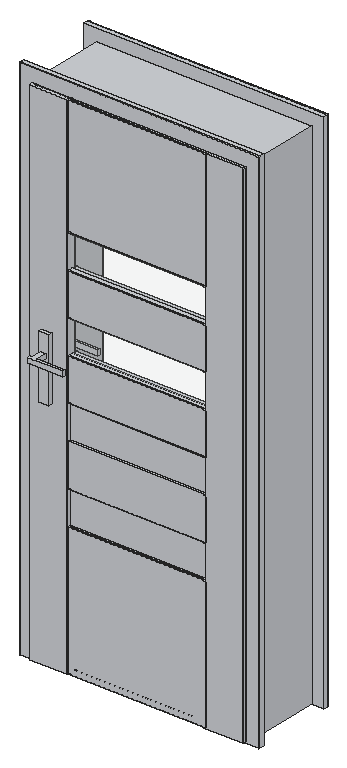
Revit family "porta_koncept_H2", category Drzwi, Revit 2016
Family settings
  Obiekt nadrzędny = Ściana
  Zawsze pionowo = Tak
  Tnij formami wycięć po wczytaniu = Nie
  Współdzielony = Nie
  Punkt obliczania pomieszczeń = Nie
Parameters (values of type "PN 80")
  Wysokość brutto = 2060 mm
  Szerokość brutto = 880 mm
  Model = "Koncept"
  Konstrukcja analityczna = "<Brak>"
  Funkcja = Wewnętrzna
  URL = "www.porta.com.pl"
  Ss = 844 mm
  Sb = 846 mm
  Producent = "PORTA KMI POLAND"
  Keynote = ""
  Description = ""
  Wysokość = 2016 mm
  Zakończenie ściany = Wg obiektu nadrzędnego
  Szerokość = 800 mm
  Materiał_skrzydło [instance] = none
  Materiał_ościeżnica [instance] = none
  Materiał_klamka [instance] = none
  Informacja = "Własność Porta KMI Poland, wszelkie prawa zastrzeżone."  # constant formula
  Hs = 2030 mm
Types (6, lengths in mm): name | Szerokość brutto | Model | Ss | Sb | Description | Szerokość
  PN 70 | 780 | 0 | 744 | 746 | "Biblioteki CAD produktów firmy PORTA KMI POLAND wraz z ich wizualizacjami są chronione prawami własności przemysłowej i intelektualnej. Można je wykorzystywać do handlowych celów osobistych poprzez zastosowanie w projektach, jednak nie wolno ich powielać, modyfikować, licencjonować ani publikować, w całości ani w części, chyba że celem przeglądania, bez uprzedniej pisemnej zgody PORTA KMI Poland. www.porta.com.pl" | 700
  PN 60 | 680 | 0 | 644 | 646 | "Biblioteki CAD produktów firmy PORTA KMI POLAND wraz z ich wizualizacjami są chronione prawami własności przemysłowej i intelektualnej. Można je wykorzystywać do handlowych celów osobistych poprzez zastosowanie w projektach, jednak nie wolno ich powielać, modyfikować, licencjonować ani publikować, w całości ani w części, chyba że celem przeglądania, bez uprzedniej pisemnej zgody PORTA KMI Poland. www.porta.com.pl" | 600
  PN 80 | 880 | "Koncept" | 844 | 846 | "" | 800
  PN 90 | 980 | 0 | 944 | 946 | "Biblioteki CAD produktów firmy PORTA KMI POLAND wraz z ich wizualizacjami są chronione prawami własności przemysłowej i intelektualnej. Można je wykorzystywać do handlowych celów osobistych poprzez zastosowanie w projektach, jednak nie wolno ich powielać, modyfikować, licencjonować ani publikować, w całości ani w części, chyba że celem przeglądania, bez uprzedniej pisemnej zgody PORTA KMI Poland. www.porta.com.pl" | 900
  PN 100 | 1080 | 0 | 1044 | 1046 | "Biblioteki CAD produktów firmy PORTA KMI POLAND wraz z ich wizualizacjami są chronione prawami własności przemysłowej i intelektualnej. Można je wykorzystywać do handlowych celów osobistych poprzez zastosowanie w projektach, jednak nie wolno ich powielać, modyfikować, licencjonować ani publikować, w całości ani w części, chyba że celem przeglądania, bez uprzedniej pisemnej zgody PORTA KMI Poland. www.porta.com.pl" | 1000
  PN 110 | 1180 | 0 | 1144 | 1146 | "Biblioteki CAD produktów firmy PORTA KMI POLAND wraz z ich wizualizacjami są chronione prawami własności przemysłowej i intelektualnej. Można je wykorzystywać do handlowych celów osobistych poprzez zastosowanie w projektach, jednak nie wolno ich powielać, modyfikować, licencjonować ani publikować, w całości ani w części, chyba że celem przeglądania, bez uprzedniej pisemnej zgody PORTA KMI Poland. www.porta.com.pl" | 1100
Reference planes
  plane 1: y = 0
  plane 2 "Środek (Lewa/Prawa)": x = 0
  plane 3 "Lewy": x = -440
  plane 4 "Prawy": x = 440
  plane 5: z = 2060
  plane 6 "Zewnętrzna": y = 150
  plane 7 "Wewnętrzna": y = -150
  plane 8 "skrzydło": y = -144.5
Forms (mm)
  Sweep 1, solid, material <- "Materiał_ościeżnica"
    path in 3D
      loop
        line (-440, -150, 0) -> (-440, -150, 2060) -> (440, -150, 2060) -> (440, -150, 0)
    profile origin (-440, -150, 1030) x (0, -1, 0) y (1, 0, 0)
      loop
        line (-10, 39) -> (-72, 39) -> (-72, 17) -> (0, 17) -> (0, -33) -> (16, -33)
        arc (16, -33) -> (18.121, -32.121) -> (19, -30) r 3
        line (19, -30) -> (19, 24)
        arc (19, 24) -> (18.121, 26.121) -> (16, 27) r 3
        line (16, 27) -> (-10, 27) -> (-10, 39)
  Sweep 2, solid, material <- "Materiał_ościeżnica"
    path in 3D
      loop
        line (440, 150, 0) -> (440, 150, 2060) -> (-440, 150, 2060) -> (-440, 150, 0)
    profile origin (-440, 150, 1030) x (1, 0, 0) y (0, 1, 0)
      loop
        line (-33, 0) -> (17, 0) -> (17, -228) -> (39, -228) -> (39, -1)
        arc (39, -1) -> (37.536, 2.536) -> (34, 4) r 5
        line (34, 4) -> (25, 4) -> (25, 16)
        arc (25, 16) -> (24.121, 18.121) -> (22, 19) r 3
        line (22, 19) -> (-30, 19)
        arc (-30, 19) -> (-32.121, 18.121) -> (-33, 16) r 3
        line (-33, 16) -> (-33, 0)
  Sweep 3, solid, not visible
    path in 3D
      loop
        line (-440, -150, 0) -> (-440, -150, 2060)
    profile origin (-440, -150, 1030) x (0, -1, 0) y (1, 0, 0)
      loop
        line (-151, 17) -> (-149, 17) -> (-149, 19) -> (-151, 19) -> (-151, 17)
Cuts and joins
  joined: Sweep 1, Sweep 2
Lines and regions (mm)
  Opening 1
    outline origin (-3050, -150, 0) x (1, 0, 0) y (0, 0, 1)
      loop
        line (2610, 0) -> (3490, 0) -> (3490, 2060) -> (2610, 2060) -> (2610, 0)
  sketch lines
    curve 1: line (-440, -150, 0) -> (-440, -150, 2060)
    curve 2: line (-440, -150, 2060) -> (440, -150, 2060)
    curve 3: line (440, -150, 2060) -> (440, -150, 0)
    curve 4: line (-440, 150, 2060) -> (-440, 150, 0)
    curve 5: line (440, 150, 2060) -> (-440, 150, 2060)
    curve 6: line (440, 150, 0) -> (440, 150, 2060)
    curve 12: line (-440, -150, 0) -> (-440, -150, 2060)
  symbolic lines, style "DoorsPanelProjection"
    curve 7: line (422, -150, 0) -> (422, -994, 0)
    curve 8: line (422, -994, 0) -> (382, -994, 0)
    curve 9: line (382, -994, 0) -> (382, -150, 0)
    curve 10: line (382, -150, 0) -> (422, -150, 0)
  symbolic lines, style "Ugięcie rzutu"
    curve 11: arc (-422, -150, 0) -> (-174.798, -746.798, 0) -> (422, -994, 0) r 844
Text (mm)
  text "Zewnętrzna" at (-2295.016, 1099.543, 0), in view "Poziom odniesienia"
  text "Zewnętrzna" at (0, 1615.38, 3698.081), in view "Lewy"
  text "Zewnętrzna" at (0, 1036.032, 3874.932), in view "Prawy"
Dimensions and locks
  equal spacing: plane 3 "Lewy", plane 2 "Środek (Lewa/Prawa)", plane 4 "Prawy"
  "Szerokość brutto": plane 3 "Lewy" to plane 4 "Prawy"
  "Wysokość brutto": plane 5 to host wall
  host wall to plane 5 = 2060 mm  (x2)
  locked: plane 6 "Zewnętrzna" to host wall at 0
  locked: plane 7 "Wewnętrzna" to host wall
  "Sb": Sweep 1 to Sweep 1
  locked: Sweep 1 sketch curve to Sweep 1 sketch curve at 22
  Sweep 1 sketch curve to Sweep 1 sketch curve = 50 mm
  locked: Sweep 1 sketch curve to profile plane at 72
  locked: Sweep 2 sketch curve to Sweep 2 sketch curve at 50
  locked: Sweep 2 sketch curve to Sweep 2 sketch curve at 22
  locked: Sweep 2 sketch curve to plane 6 "Zewnętrzna" at 1
  locked: curve 9 to curve 7 at 40
  "Ss": curve 8 to curve 10
  equal spacing: curve 11, plane 2 "Środek (Lewa/Prawa)", curve 7
  locked: plane 7 "Wewnętrzna" to plane 8 "skrzydło" at 5.5
  locked: host wall to Sweep 3 sketch curve at 1
  locked: Sweep 3 sketch curve to host wall at 1
  locked: Sweep 3 sketch curve to plane 6 "Zewnętrzna" at 151
  locked: plane 7 "Wewnętrzna" to Sweep 3 sketch curve at 151
  equal spacing: nested 1, plane 2 "Środek (Lewa/Prawa)", nested 1
  locked: nested 1 to level at 8
  aligned and locked: plane 3 "Lewy" to Opening 1 sketch curve
  aligned and locked: plane 5 to Opening 1 sketch curve  (x2)
  aligned and locked: Opening 1 sketch curve to plane 4 "Prawy"
  aligned and locked: Opening 1 sketch curve to level
  aligned and locked: plane 1 to host wall
  aligned and locked: Sweep 1 to Sweep 2 sketch curve
  aligned and locked: plane 7 "Wewnętrzna" to curve 10
  aligned and locked: Sweep 3 sketch curve to cut or joined group of Sweep 1, Sweep 2
  aligned and locked: Sweep 2 sketch curve to cut or joined group of Sweep 1, Sweep 2
  aligned and locked: nested 1 to plane 8 "skrzydło"
Automatic sketch dimensions
  profile plane to Sweep 1 sketch curve = 10 mm
  Sweep 1 sketch curve to profile plane = 16 mm  (x2)
  Sweep 1 sketch curve to Sweep 1 sketch curve = 3 mm
  profile plane to Sweep 1 sketch curve = 17 mm
  Sweep 1 sketch curve to Sweep 1 sketch curve = 7 mm
  Sweep 1 sketch curve to profile plane = 0 mm
  Sweep 2 sketch curve to profile plane = 0 mm
  Sweep 2 sketch curve to profile plane = 16 mm
  Sweep 2 sketch curve to Sweep 2 sketch curve = 3 mm
  Sweep 2 sketch curve to Sweep 2 sketch curve = 5 mm
  Sweep 2 sketch curve to profile plane = 4 mm
  Sweep 2 sketch curve to Sweep 2 sketch curve = 8 mm
  curve 11 to host wall = 0 mm
  Sweep 3 sketch curve to Sweep 3 sketch curve = 2 mm
Nested families
  nested 1: "skrzydło" at (0, -151, 0), Materiał_klamka <- "Materiał_klamka", Materiał_skrzydło <- "Materiał_skrzydło", type "skrzydło"
    with Materiał_skrzydło none, Materiał_klamka none
Definition of nested family "skrzydło"
  Parameters
    Ss = 844 mm
    Materiał_skrzydło [instance] = none
    Materiał_klamka [instance] = none
    Hs = 2030 mm
  Reference planes
    plane 1 "Tył": y = 6.5
    plane 2: z = 0
    plane 3 "Środek (Lewa/Prawa)": x = 0
    plane 4 "Lewa": x = -422
    plane 5 "Prawa": x = 422
    plane 6 "Przód": y = -33.5
    plane 7: z = 2038
    plane 8 "Centrum": y = -13.5
    plane 9: x = -409
    plane 10: z = 8
    plane 11: x = 409
    plane 12: x = -272
    plane 13: x = 272
    plane 14: z = 2025
  Forms (mm)
    Extrusion 1, solid, material <- "Materiał_skrzydło"
      sketch origin (-1191.728, -1524, 8) x (-1, 0, 0) y (0, -1, 0)
        loop
          line (-1465.378, -1490.5) -> (-1612.078, -1490.5)
          arc (-1612.078, -1490.5) -> (-1613.244, -1490.983) -> (-1613.728, -1492.15) r 1.65
          line (-1613.728, -1492.15) -> (-1613.728, -1501.85)
          arc (-1613.728, -1501.85) -> (-1613.244, -1503.017) -> (-1612.078, -1503.5) r 1.65
          line (-1612.078, -1503.5) -> (-1602.078, -1503.5)
          arc (-1602.078, -1503.5) -> (-1601.123, -1503.895) -> (-1600.728, -1504.85) r 1.35
          line (-1600.728, -1504.85) -> (-1600.728, -1528.85)
          arc (-1600.728, -1528.85) -> (-1600.244, -1530.017) -> (-1599.078, -1530.5) r 1.65
          line (-1599.078, -1530.5) -> (-1465.378, -1530.5)
          arc (-1465.378, -1530.5) -> (-1464.211, -1530.017) -> (-1463.728, -1528.85) r 1.65
          line (-1463.728, -1528.85) -> (-1463.728, -1492.15)
          arc (-1463.728, -1492.15) -> (-1464.211, -1490.983) -> (-1465.378, -1490.5) r 1.65
      from 0 to 2030
    Extrusion 2, void
      sketch origin (0, 0, 0) x (0, -1, 0) y (0, 0, 1)
        loop
          line (-6.5, 2025) -> (20.5, 2025) -> (20.5, 2038) -> (-6.5, 2038) -> (-6.5, 2025)
      from -422 to 422
    Extrusion 3, solid, material <- "Materiał_skrzydło"
      sketch origin (0, 0, 0) x (0, 1, 0) y (0, 0, 1)
        loop
          line (4, 1568.15) -> (4, 2023.35)
          arc (4, 2023.35) -> (3.517, 2024.517) -> (2.35, 2025) r 1.65
          line (2.35, 2025) -> (-19.15, 2025)
          arc (-19.15, 2025) -> (-20.105, 2025.395) -> (-20.5, 2026.35) r 1.35
          line (-20.5, 2026.35) -> (-20.5, 2036.35)
          arc (-20.5, 2036.35) -> (-20.983, 2037.517) -> (-22.15, 2038) r 1.65
          line (-22.15, 2038) -> (-29.35, 2038)
          arc (-29.35, 2038) -> (-30.517, 2037.517) -> (-31, 2036.35) r 1.65
          line (-31, 2036.35) -> (-31, 1568.15)
          arc (-31, 1568.15) -> (-30.517, 1566.983) -> (-29.35, 1566.5) r 1.65
          line (-29.35, 1566.5) -> (2.35, 1566.5)
          arc (2.35, 1566.5) -> (3.517, 1566.983) -> (4, 1568.15) r 1.65
        loop
          line (2.35, 529.5) -> (-29.35, 529.5)
          arc (-29.35, 529.5) -> (-30.517, 529.017) -> (-31, 527.85) r 1.65
          line (-31, 527.85) -> (-31, 9.65)
          arc (-31, 9.65) -> (-30.517, 8.483) -> (-29.35, 8) r 1.65
          line (-29.35, 8) -> (-25, 8)
          arc (-25, 8) -> (-23.833, 8.483) -> (-23.35, 9.65) r 1.65
          arc (-23.35, 9.65) -> (-22.955, 10.605) -> (-22, 11) r 1.35
          line (-22, 11) -> (-5, 11)
          arc (-5, 11) -> (-4.045, 10.605) -> (-3.65, 9.65) r 1.35
          arc (-3.65, 9.65) -> (-3.167, 8.483) -> (-2, 8) r 1.65
          line (-2, 8) -> (2.35, 8)
          arc (2.35, 8) -> (3.517, 8.483) -> (4, 9.65) r 1.65
          line (4, 9.65) -> (4, 527.85)
          arc (4, 527.85) -> (3.517, 529.017) -> (2.35, 529.5) r 1.65
        loop
          line (2.35, 831.25) -> (-29.35, 831.25)
          arc (-29.35, 831.25) -> (-30.517, 830.767) -> (-31, 829.6) r 1.65
          line (-31, 829.6) -> (-31, 662.9)
          arc (-31, 662.9) -> (-30.517, 661.733) -> (-29.35, 661.25) r 1.65
          line (-29.35, 661.25) -> (2.35, 661.25)
          arc (2.35, 661.25) -> (3.517, 661.733) -> (4, 662.9) r 1.65
          line (4, 662.9) -> (4, 829.6)
          arc (4, 829.6) -> (3.517, 830.767) -> (2.35, 831.25) r 1.65
        loop
          line (2.35, 1133) -> (-29.35, 1133)
          arc (-29.35, 1133) -> (-30.517, 1132.517) -> (-31, 1131.35) r 1.65
          line (-31, 1131.35) -> (-31, 964.65)
          arc (-31, 964.65) -> (-30.517, 963.483) -> (-29.35, 963) r 1.65
          line (-29.35, 963) -> (2.35, 963)
          arc (2.35, 963) -> (3.517, 963.483) -> (4, 964.65) r 1.65
          line (4, 964.65) -> (4, 1131.35)
          arc (4, 1131.35) -> (3.517, 1132.517) -> (2.35, 1133) r 1.65
        loop
          line (2.35, 1434.75) -> (-29.35, 1434.75)
          arc (-29.35, 1434.75) -> (-30.517, 1434.267) -> (-31, 1433.1) r 1.65
          line (-31, 1433.1) -> (-31, 1266.4)
          arc (-31, 1266.4) -> (-30.517, 1265.233) -> (-29.35, 1264.75) r 1.65
          line (-29.35, 1264.75) -> (2.35, 1264.75)
          arc (2.35, 1264.75) -> (3.517, 1265.233) -> (4, 1266.4) r 1.65
          line (4, 1266.4) -> (4, 1433.1)
          arc (4, 1433.1) -> (3.517, 1434.267) -> (2.35, 1434.75) r 1.65
      from -272 to 272
    Extrusion 4, solid
      sketch origin (-892.016, -13.5, 1200) x (-1, 0, 0) y (0, 0, 1)
        loop
          line (-620.016, 366.5) -> (-1164.016, 366.5) -> (-1164.016, 234.75) -> (-620.016, 234.75) -> (-620.016, 366.5)
      from -2 to 2
    Extrusion 5, solid
      sketch origin (-892.016, -13.5, 1200) x (-1, 0, 0) y (0, 0, 1)
        loop
          line (-620.016, -67) -> (-620.016, 64.75) -> (-1164.016, 64.75) -> (-1164.016, -67) -> (-620.016, -67)
      from -2 to 2
    Extrusion 6, solid, material <- "Materiał_skrzydło"
      sketch origin (-892.016, -13.5, 1200) x (-1, 0, 0) y (0, 0, 1)
        loop
          line (-620.016, -237) -> (-1164.016, -237) -> (-1164.016, -368.75) -> (-620.016, -368.75) -> (-620.016, -237)
      from -6 to 6
    Extrusion 7, solid, material <- "Materiał_skrzydło"
      sketch origin (-892.016, -13.5, 1200) x (-1, 0, 0) y (0, 0, 1)
        loop
          line (-620.016, -538.75) -> (-1164.016, -538.75) -> (-1164.016, -670.5) -> (-620.016, -670.5) -> (-620.016, -538.75)
      from -6 to 6
    Extrusion 8, solid, material <- "Materiał_skrzydło"
      sketch origin (-1191.728, -1524, 8) x (-1, 0, 0) y (0, -1, 0)
        loop
          arc (-918.078, -1490.5) -> (-919.244, -1490.983) -> (-919.728, -1492.15) r 1.65
          line (-919.728, -1492.15) -> (-919.728, -1528.85)
          arc (-919.728, -1528.85) -> (-919.244, -1530.017) -> (-918.078, -1530.5) r 1.65
          line (-918.078, -1530.5) -> (-784.378, -1530.5)
          arc (-784.378, -1530.5) -> (-783.211, -1530.017) -> (-782.728, -1528.85) r 1.65
          line (-782.728, -1528.85) -> (-782.728, -1504.85)
          arc (-782.728, -1504.85) -> (-782.332, -1503.895) -> (-781.378, -1503.5) r 1.35
          line (-781.378, -1503.5) -> (-771.378, -1503.5)
          arc (-771.378, -1503.5) -> (-770.211, -1503.017) -> (-769.728, -1501.85) r 1.65
          line (-769.728, -1501.85) -> (-769.728, -1492.15)
          arc (-769.728, -1492.15) -> (-770.211, -1490.983) -> (-771.378, -1490.5) r 1.65
          line (-771.378, -1490.5) -> (-918.078, -1490.5)
      from 0 to 2030
  Cuts and joins
    Extrusion 2 cuts Extrusion 1
    Extrusion 2 cuts Extrusion 8
  Dimensions and locks
    equal spacing: plane 4 "Lewa", plane 3 "Środek (Lewa/Prawa)", plane 5 "Prawa"
    "Ss": plane 4 "Lewa" to plane 5 "Prawa"
    locked: plane 4 "Lewa" to plane 9 at 13
    locked: plane 10 to level at 8
    "Hs": plane 7 to plane 10
    locked: plane 5 "Prawa" to plane 11 at 13
    locked: plane 9 to nested 1 at 35
    locked: nested 1 to plane 10 at 934
    locked: plane 10 to nested 2 at 934
    equal spacing: plane 6 "Przód", plane 8 "Centrum", plane 1 "Tył"
    locked: plane 7 to plane 14 at 13
    locked: plane 12 to plane 4 "Lewa" at 150
    locked: plane 5 "Prawa" to plane 13 at 150
    locked: plane 1 "Tył" to Extrusion 2 sketch curve at 27
    aligned and locked: nested 1 to plane 6 "Przód"
    aligned and locked: plane 5 "Prawa" to Extrusion 1 sketch curve
    aligned and locked: Extrusion 1 sketch curve to plane 11
    aligned and locked: Extrusion 1 sketch curve to plane 1 "Tył"
    aligned and locked: Extrusion 1 sketch curve to plane 6 "Przód"
    aligned and locked: Extrusion 1 sketch curve to plane 13
    aligned and locked: plane 7 to Extrusion 1
    aligned and locked: Extrusion 2 sketch curve to plane 14
    aligned and locked: Extrusion 2 sketch curve to plane 1 "Tył"
    aligned and locked: plane 7 to Extrusion 2 sketch curve
    aligned and locked: Extrusion 2 to plane 4 "Lewa"
    aligned and locked: plane 5 "Prawa" to Extrusion 2
    aligned and locked: Extrusion 3 to plane 12
    aligned and locked: plane 13 to Extrusion 3
    aligned and locked: plane 12 to Extrusion 4 sketch curve
    aligned and locked: plane 13 to Extrusion 4 sketch curve
    aligned and locked: Extrusion 3 to Extrusion 5 sketch curve  (x2)
    aligned and locked: plane 12 to Extrusion 6 sketch curve
    aligned and locked: plane 13 to Extrusion 6 sketch curve
    aligned and locked: plane 12 to Extrusion 7 sketch curve
    aligned and locked: plane 13 to Extrusion 7 sketch curve
    aligned and locked: plane 4 "Lewa" to Extrusion 8 sketch curve
    aligned and locked: Extrusion 8 sketch curve to plane 12
    aligned and locked: plane 7 to Extrusion 8
    aligned and locked: nested 2 to nested 1
  Automatic sketch dimensions
    Extrusion 1 sketch curve to Extrusion 1 sketch curve = 1.65 mm  (x4)
    Extrusion 1 sketch curve to Extrusion 1 sketch curve = 1.35 mm
    Extrusion 1 sketch curve to Extrusion 1 sketch curve = 10 mm
    plane 1 "Tył" to Extrusion 1 sketch curve = 25.65 mm
    Extrusion 3 sketch curve to plane 7 = 0 mm
    Extrusion 3 sketch curve to plane 10 = 0 mm  (x2)
    Extrusion 3 sketch curve to plane 14 = 0 mm
    plane 6 "Przód" to Extrusion 3 sketch curve = 2.5 mm  (x5)
    plane 10 to Extrusion 3 sketch curve = 1.65 mm  (x3)
    Extrusion 3 sketch curve to Extrusion 3 sketch curve = 1.65 mm  (x15)
    Extrusion 3 sketch curve to Extrusion 3 sketch curve = 4.35 mm
    Extrusion 3 sketch curve to Extrusion 3 sketch curve = 0 mm  (x2)
    Extrusion 3 sketch curve to Extrusion 3 sketch curve = 7.2 mm
    Extrusion 3 sketch curve to Extrusion 3 sketch curve = 1.35 mm  (x2)
    plane 8 "Centrum" to Extrusion 3 sketch curve = 8.5 mm
    plane 1 "Tył" to Extrusion 3 sketch curve = 4.15 mm  (x9)
    Extrusion 3 sketch curve to plane 14 = 1.65 mm
    Extrusion 3 sketch curve to Extrusion 3 sketch curve = 516.85 mm
    Extrusion 3 sketch curve to Extrusion 3 sketch curve = 131.75 mm  (x4)
    Extrusion 3 sketch curve to Extrusion 3 sketch curve = 166.7 mm  (x3)
    Extrusion 4 sketch curve to Extrusion 4 sketch curve = 131.75 mm
    Extrusion 4 sketch curve to plane 7 = 471.5 mm
    Extrusion 5 sketch curve to plane 7 = 773.25 mm
    Extrusion 5 sketch curve to Extrusion 5 sketch curve = 131.75 mm
    plane 10 to Extrusion 6 sketch curve = 823.25 mm
    Extrusion 6 sketch curve to Extrusion 6 sketch curve = 131.75 mm
    plane 10 to Extrusion 7 sketch curve = 521.5 mm
    Extrusion 7 sketch curve to Extrusion 7 sketch curve = 131.75 mm
    Extrusion 8 sketch curve to Extrusion 8 sketch curve = 1.65 mm  (x4)
    Extrusion 8 sketch curve to Extrusion 8 sketch curve = 1.35 mm
    Extrusion 8 sketch curve to Extrusion 8 sketch curve = 10 mm
    Extrusion 8 sketch curve to Extrusion 8 sketch curve = 0 mm
    plane 6 "Przód" to Extrusion 8 sketch curve = 40 mm
    Extrusion 8 sketch curve to Extrusion 8 sketch curve = 24 mm
    Extrusion 8 sketch curve to Extrusion 8 sketch curve = 9.7 mm
  Nested families
    nested 1: "KLAMKA" at (-354, -33.5, 1067), Materiał klamki <- "Materiał_klamka", type "KLAMKA"
      with Materiał klamki none
    nested 2: "KLAMKA" at (-354, 6.5, 1067), Materiał klamki <- "Materiał_klamka", type "KLAMKA"
      with Materiał klamki none
  Definition of nested family "KLAMKA"
    Parameters
      Materiał klamki [instance] = none
      Assembly Code = ""
      Default Elevation = 1219.2 mm
    Reference planes
      plane 1 "Center (Front/Back)": y = 0
      plane 2: z = 0
      plane 3 "Center (Left/Right)": x = 0
      plane 4: z = 125
      plane 5: z = -125
      plane 6: x = 20
      plane 7: x = -20
      plane 8: y = -70
      plane 9: y = -60
      plane 10: x = 10
      plane 11: x = -10
      plane 12: x = 120
      plane 13: z = 35
      plane 14: z = 55
      plane 15: y = -15
    Forms (mm)
      Extrusion 1, solid, material <- "Materiał klamki"
        sketch origin (0, 0, 0) x (1, 0, 0) y (0, 0, 1)
          loop
            line (-20, 125) -> (-20, -125) -> (20, -125) -> (20, 125) -> (-20, 125)
        from 0 to 15
      Extrusion 2, solid, material <- "Materiał klamki"
        sketch origin (0, 0, 0) x (1, 0, 0) y (0, 1, 0)
          loop
            line (-10, -15) -> (-10, -60) -> (-20, -60) -> (-20, -70) -> (120, -70) -> (120, -60) -> (10, -60) -> (10, -15) -> (-10, -15)
        from 35 to 55
    Dimensions and locks
      equal spacing: plane 4, plane 2, plane 5
      plane 4 to plane 5 = 250 mm
      equal spacing: plane 7, plane 3 "Center (Left/Right)", plane 6
      plane 7 to plane 6 = 40 mm
      plane 8 to plane 1 "Center (Front/Back)" = 70 mm
      plane 11 to plane 3 "Center (Left/Right)" to plane 10 = 10 mm locked, 10 mm locked
      plane 7 to plane 12 = 140 mm
      plane 15 to plane 1 "Center (Front/Back)" = 15 mm
      aligned and locked: plane 7 to Extrusion 1 sketch curve
      aligned and locked: Extrusion 1 sketch curve to plane 4
      aligned and locked: plane 5 to Extrusion 1 sketch curve
      aligned and locked: Extrusion 1 sketch curve to plane 6
      aligned and locked: plane 15 to Extrusion 1
      aligned and locked: Extrusion 1 to plane 1 "Center (Front/Back)"
      aligned and locked: plane 14 to Extrusion 2
      aligned and locked: Extrusion 2 to plane 13
    Automatic sketch dimensions
      Extrusion 2 sketch curve to plane 7 = 0 mm
      Extrusion 2 sketch curve to plane 9 = 0 mm  (x2)
      Extrusion 2 sketch curve to plane 11 = 0 mm
      Extrusion 2 sketch curve to plane 10 = 0 mm
      Extrusion 2 sketch curve to plane 12 = 0 mm
      Extrusion 2 sketch curve to plane 8 = 0 mm
      Extrusion 2 sketch curve to plane 15 = 0 mm
